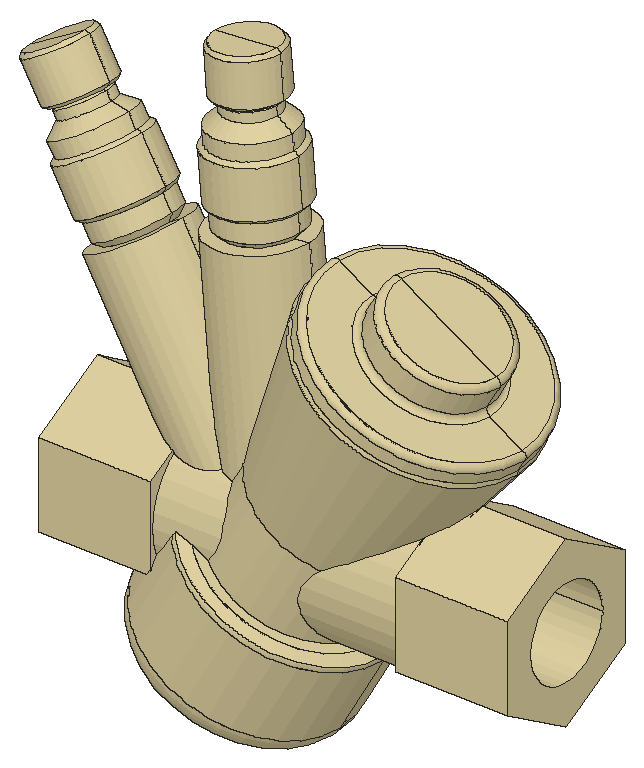
Revit family "DA03210000", category Apparecchi idraulici, Revit 2020
Family settings
  Quota connettore circolare = Usa diametro
  Tipo di parte = Normale
  Numero OmniClass = 23.45.00.00
  Titolo OmniClass = Sanitary, Laundry, and Cleaning Equipment
  Basato su piano di lavoro = No
  Sempre verticale = Sì
  Taglio con vuoti quando caricato = No
  Condiviso = No
  Punto di calcolo locali = No
Parameters
  URL = "https://web.cimberio.com/index.php/figura/1797?subcategoria_id=10"
  Temperatura di esercizio = "-20 ÷ 120°C"
  Prospetto di default = 0 mm
  Produttore = "CIMBERIO SPA"
  Pressione nominale = "PN 25"
  Modello = "Cim 790B"
  Materiale = "Prodotto in lega di ottone conforme alla norma EN 12165-CW617N-DW"
  Descrizione = "Utilizzato nei più svariati settori dell'impiantistica: impianti di riscaldamento, condizionamento, idrici, igienico-sanitari e in generale con ogni fluido non corrosivo"
  DN Model [instance] = DA03218015 : DA03218015
  DN [instance] = 15 mm
  Commenti sul tipo = "Realizzato in ottemperanza ai requisiti gestionali della norma EN ISO 9001.\r\nCollaudato al 100% secondo la normativa EN 12266-1"
Reference planes
  plane 1 "Centro (Fronte/Retro)": y = 0
  plane 2: z = 0
  plane 3 "Centro (Sinistra/Destra)": x = 0
Dimensions and locks
  aligned and locked: level to plane 2
Nested families
  nested 1: "DA03218015" at (0, 0, 0), type <- "DN Model", type "DA03218015"
  nested 2: "DA03218015" at (0, 0, 0), type <- "DN Model", type "DA03218015"
  nested 3: "DA03218015" at (0, 0, 0), type <- "DN Model", type "DA03218015"
Connectors
  piping at (39, 0, 0), diameter 15, driven by "DN"
    settings: on nested 1, index 1, connector inside diameter 609.6 mm, connector length 0 mm, flow factor 0, pipe flow 0.0 L/s, pressure drop 0.0 Pa, fitting loss kfactor 0, connector angle 0.00°, fixture units 0, engagement length 0 mm, angle of deflection 0.00°, flow configuration 0, flow direction 0, fitting loss method 0, system type 7, joint type 0, gender type 0, connector reference index -1, connector utility 0, adjustable connector no, is connector primary yes, connector description ""
  piping at (-39, 0, 0), diameter 15, driven by "DN"
    settings: on nested 1, index 2, connector inside diameter 609.6 mm, connector length 0 mm, flow factor 0, pipe flow 0.0 L/s, pressure drop 0.0 Pa, fitting loss kfactor 0, connector angle 0.00°, fixture units 0, engagement length 0 mm, angle of deflection 0.00°, flow configuration 0, flow direction 0, fitting loss method 0, system type 7, joint type 0, gender type 0, connector reference index -1, connector utility 0, adjustable connector no, is connector primary no, connector description ""
Definition of nested family "DA03218015"
  Parameters (values of type "DA03218015")
    URL = ""
    Temperatura di esercizio = ""
    Default Elevation = 0 mm
    Manufacturer = ""
    Pressione nominale = ""
    Model = ""
    Materiale = ""
    Description = ""
    Type Comments = ""
  Reference planes
    plane 1 "Centro (Fronte/Retro)": y = 0
    plane 2: z = 0
    plane 3 "Centro (Sinistra/Destra)": x = 0
  Forms (mm)
    Revolve 1, solid
      sketch origin (0, 0, 0) x (1, 0, 0) y (0, 0, 1)
        loop
          line (20.345, -12) -> (20.345, -7.5) -> (-21.876, -7.5) -> (-21.876, -12) -> (20.345, -12)
        axis (-21.876, 0) -> (20.345, 0)
      angle from 0 to 360
    Extrusion 2, solid
      sketch origin (0, 0, 0) x (0, 1, 0) y (0, 0, 1)
        loop
          line (0, 14) -> (-12.124, 7) -> (-12.124, -7) -> (0, -14) -> (12.124, -7) -> (12.124, 7) -> (0, 14)
        loop
          circle (0, 0) r 7.5
      from 20.345 to 39
    Extrusion 3, solid
      sketch origin (0, 0, 0) x (0, 1, 0) y (0, 0, -1)
        loop
          line (0, -14) -> (12.124, -7) -> (12.124, 7) -> (0, 14) -> (-12.124, 7) -> (-12.124, -7) -> (0, -14)
        loop
          circle (0, 0) r 7.5
      from 20.345 to 39
    Revolve 4, solid
      sketch origin (0, 0, 0) x (1, 0, 0) y (0, 0, 1)
        loop
          line (17.227, 34.67) -> (-16.092, -23.041) -> (-5.425, -29.2)
          arc (-5.425, -29.2) -> (-1.631, -29.699) -> (1.405, -27.37) r 5
          line (1.405, -27.37) -> (8.741, -14.664)
          arc (8.741, -14.664) -> (8.92, -14.254) -> (9.003, -13.815) r 2
          line (9.003, -13.815) -> (7.662, -12.408) -> (6.204, -11.566) -> (12.882, 0) -> (30.919, 20.75) -> (31.088, 21.542) -> (32.088, 23.274)
          arc (32.088, 23.274) -> (32.188, 24.033) -> (31.722, 24.64) r 1
          line (31.722, 24.64) -> (26.251, 27.799)
          arc (26.251, 27.799) -> (25.766, 28.406) -> (25.863, 29.178) r 1
          line (25.863, 29.178) -> (27.897, 32.701)
          arc (27.897, 32.701) -> (27.897, 33.472) -> (27.401, 34.063) r 1.127
          line (27.401, 34.063) -> (19.508, 38.62) -> (17.227, 34.67)
        axis (19.508, 38.62) -> (-16.092, -23.041)
      angle from 0 to 360
    Revolve 5, solid
      sketch origin (0, 0, 0) x (1, 0, 0) y (0, 0, 1)
        loop
          line (-45.561, 59.143) -> (-50.013, 56.573) -> (-50.126, 55.769) -> (-46.696, 49.828) -> (-45.911, 49.703) -> (-44.815, 50.336) -> (-45.096, 49.574) -> (-44.356, 48.292) -> (-45.312, 45.43) -> (-44.062, 43.265)
          arc (-44.062, 43.265) -> (-44.308, 42.814) -> (-44.45, 42.32) r 2.354
          line (-44.45, 42.32) -> (-40.575, 35.608)
          arc (-40.575, 35.608) -> (-40.075, 35.492) -> (-39.562, 35.471) r 2.753
          line (-39.562, 35.471) -> (-38.062, 32.873) -> (-36.683, 32.515) -> (-38.861, 31.257) -> (-22.241, 2.469) -> (-15.19, 6.54) -> (-45.561, 59.143)
        axis (-45.561, 59.143) -> (-15.19, 6.54)
      angle from 0 to 360
    Revolve 6, solid
      sketch origin (2.055, 0, -3.044) x (0.906308, 0, -0.422618) y (0.422618, 0, 0.906308)
        loop
          line (-45.561, 59.143) -> (-50.013, 56.573) -> (-50.126, 55.769) -> (-46.696, 49.828) -> (-45.911, 49.703) -> (-44.815, 50.336) -> (-45.096, 49.574) -> (-44.356, 48.292) -> (-45.312, 45.43) -> (-44.062, 43.265)
          arc (-44.062, 43.265) -> (-44.308, 42.814) -> (-44.45, 42.32) r 2.354
          line (-44.45, 42.32) -> (-40.575, 35.608)
          arc (-40.575, 35.608) -> (-40.075, 35.492) -> (-39.562, 35.471) r 2.753
          line (-39.562, 35.471) -> (-38.062, 32.873) -> (-36.683, 32.515) -> (-38.861, 31.257) -> (-19.985, -1.438) -> (-12.934, 2.632) -> (-45.561, 59.143)
        axis (-45.561, 59.143) -> (-12.934, 2.632)
      angle from 0 to 360
  Dimensions and locks
    aligned and locked: level to plane 2
